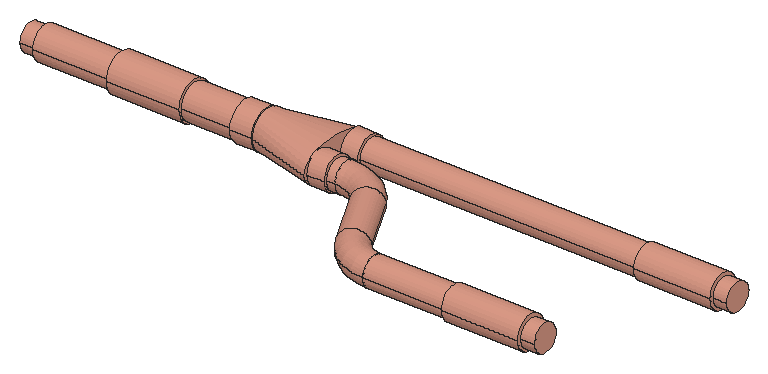
Revit family "outputfile", category 配管付属品, Revit 2024
Family settings
  丸型コネクタ寸法 = 半径を使用
  パーツ タイプ = 標準
  OmniClass 番号 = 23.65.55.00
  OmniClass タイトル = Distribution of Supplied Liquids/Gases
  作業面ベース = いいえ
  常に垂直 = はい
  ロード時にボイドで切り取り = いいえ
  共有 = いいえ
Parameters (values of type "BHRP26A22TA")
  製造元 = "Daikin"
  書き出し IFC クラス(タイプ) = "IfcPipeFittingType"
  既定の高さ = 0.0 mm
  定義済み IFC タイプ(タイプ) = "JUNCTION"
  モデル = "BHRP26A22TA"
  table_StraightPipe [instance] = if(mm⇔inch, "Refnet Joint_BHRP26A-TA_Gas_StraightPipe", "Refnet Joint_BHRP26A-TA_Gas_StraightPipe_inch")  # "Refnet Joint_BHRP26A-TA_Gas_StraightPipe"
  table_BranchPipe [instance] = if(mm⇔inch, "Refnet Joint_BHRP26A-TA_Gas_BranchPipe", "Refnet Joint_BHRP26A-TA_Gas_BranchPipe_inch")  # "Refnet Joint_BHRP26A-TA_Gas_BranchPipe"
  table_Inlet [instance] = if(mm⇔inch, "Refnet Joint_BHRP26A-TA_Gas_Inlet", "Refnet Joint_BHRP26A-TA_Gas_Inlet_inch")  # "Refnet Joint_BHRP26A-TA_Gas_Inlet"
  switch_StraightPipe_Reducer [instance] = if(Is_StraightPipe Reducer = 1, 1 = 1, 1 = 0)  # no
  switch_StraightPipe3 [instance] = if(number_StraightPipe = 3, 1 = 1, 1 = 0)  # no
  switch_StraightPipe2 [instance] = if(number_StraightPipe < 2, 1 = 0, 1 = 1)  # yes
  switch_BranchPipe_Reducer [instance] = if(Is_BranchPipe Reducer = 1, 1 = 1, 1 = 0)  # no
  switch_BranchPipe3 [instance] = if(number_BranchPipe = 3, 1 = 1, 1 = 0)  # no
  switch_BranchPipe2 [instance] = if(number_BranchPipe < 2, 1 = 0, 1 = 1)  # yes
  switch_Inlet pipe_Reducer [instance] = if(Is_Inlet Reducer = 1, 1 = 1, 1 = 0)  # no
  switch_Inlet pipe3 [instance] = if(number_InletPipe = 3, 1 = 1, 1 = 0)  # yes
  switch_Inlet pipe2 [instance] = if(number_InletPipe < 2, 1 = 0, 1 = 1)  # yes
  mm⇔inch [instance] = yes
  l_OutletPipeSize [instance] = size_lookup(table_Inlet, "L_OutletPipeSize", 10.0 mm, モデル)  # 10.0 mm
  Uniclass2015Version = "Products v1.31"
  Uniclass2015Title = "Copper pipe fittings"
  Uniclass2015Code = "Pr_65_52_63_18"
  StraightPipe_Gas_ActualDiameter [instance] = 12.7 mm
  Material_Piping = DAIKIN_Copper_Pipe
  Material_Insulation = DAIKIN_White_Insulation
  lw_Insulation [instance] = size_lookup(table_Inlet, "lw_Insulation", 59.9 mm, モデル)  # 59.9 mm
  Unit Type = "BHRP26A-TA_Gas"
  Tag No. [instance] = ""
  StraightPipe_Gas_Status [instance] = size_lookup(table_StraightPipe, "Information", "The connected pipe size is not available.", モデル, StraightPipe_Gas_ActualDiameter)  # "Default connector size is used."
  Link_Nested Family [instance] = ""
  Inlet_Gas_Actual Diameter [instance] = 12.7 mm
  IfcVersion = ""
  IfcExportType = "JUNCTION"
  IfcExportAs = "IfcPipeFittingType"
  BranchPipe_Gas_Status [instance] = size_lookup(table_BranchPipe, "Information", "The connected pipe size is not available.", モデル, BranchPipe_Gas_ActualDiameter)  # "Default connector size is used."
  Inlet_Gas_Status [instance] = size_lookup(table_Inlet, "Information", "The connected pipe size is not available.", モデル, Inlet_Gas_Actual Diameter)  # "Default connector size is used."
  Series = "Refnet Joint"
  O.R_dividePipe_Inlet [instance] = (I.D_InletPipe1 + 2.0 mm) / 2  # 10.55 mm
  r_StraightPipe_Connector [instance] = StraightPipe_Gas_ActualDiameter / 2  # 6.35 mm
  r_BranchPipe_Connector [instance] = BranchPipe_Gas_ActualDiameter / 2  # 6.35 mm
  r_Inlet_Connector [instance] = Inlet_Gas_Actual Diameter / 2  # 6.35 mm
  number_StraightPipe [instance] = size_lookup(table_StraightPipe, "pipeNumber", 2, モデル, StraightPipe_Gas_ActualDiameter)  # 2
  number_BranchPipe [instance] = size_lookup(table_BranchPipe, "pipeNumber", 2, モデル, BranchPipe_Gas_ActualDiameter)  # 2
  number_InletPipe [instance] = size_lookup(table_Inlet, "pipeNumber", 3, モデル, Inlet_Gas_Actual Diameter)  # 3
  r_BranchPipeR [instance] = size_lookup(table_BranchPipe, "r_offsetPipeR", 25.0 mm, モデル, BranchPipe_Gas_ActualDiameter)  # 25.0 mm
  l_BranchPipe_Straight2 [instance] = size_lookup(table_BranchPipe, "L_offsetPipe2", 44.0 mm, モデル)  # 44.0 mm
  l_BranchPipe_Straight1 [instance] = size_lookup(table_BranchPipe, "L_offsetPipe1", 5.0 mm, モデル)  # 5.0 mm
  l_BranchPipe connector [instance] = size_lookup(table_BranchPipe, "Length", 170.0 mm, モデル, BranchPipe_Gas_ActualDiameter)  # 170.0 mm
  l_inlet connector [instance] = size_lookup(table_Inlet, "Length", 130.0 mm, モデル, Inlet_Gas_Actual Diameter)  # 130.0 mm
  l_dividePipe [instance] = size_lookup(table_Inlet, "L_devidePipe", 38.0 mm, モデル)  # 38.0 mm
  l_StraightPipeReducer [instance] = size_lookup(table_StraightPipe, "L_Reducer", 80.0 mm, モデル, StraightPipe_Gas_ActualDiameter)  # 80.0 mm
  l_StraightPipe3 [instance] = size_lookup(table_StraightPipe, "L_Pipe3", 2.0 mm, モデル)  # 2.0 mm
  l_StraightPipe2 [instance] = size_lookup(table_StraightPipe, "L_Pipe2", 9.0 mm, モデル)  # 8.0 mm
  l_StraightPipe1 [instance] = size_lookup(table_StraightPipe, "L_Pipe1", 40.0 mm, モデル)  # 42.0 mm
  l_StraightPipe0 [instance] = size_lookup(table_StraightPipe, "L_Pipe0", 153.0 mm, モデル)  # 152.0 mm
  l_StraightPipe connector [instance] = size_lookup(table_StraightPipe, "Length", 212.0 mm, モデル, StraightPipe_Gas_ActualDiameter)  # 212.0 mm
  l_BranchPipe Reducer [instance] = size_lookup(table_BranchPipe, "L_Reducer", 80.0 mm, モデル, BranchPipe_Gas_ActualDiameter)  # 80.0 mm
  l_BranchPipe3 [instance] = size_lookup(table_BranchPipe, "L_Pipe3", 2.0 mm, モデル)  # 2.0 mm
  l_BranchPipe2 [instance] = size_lookup(table_BranchPipe, "L_Pipe2", 9.0 mm, モデル)  # 8.0 mm
  l_BranchPipe1 [instance] = size_lookup(table_BranchPipe, "L_Pipe1", 40.0 mm, モデル)  # 42.0 mm
  l_BranchPipe0 [instance] = size_lookup(table_BranchPipe, "L_Pipe0", 111.0 mm, モデル)  # 110.0 mm
  l_InletReducer [instance] = size_lookup(table_Inlet, "L_Reducer", 100.0 mm, モデル, Inlet_Gas_Actual Diameter)  # 100.0 mm
  l_InletPipe3 [instance] = size_lookup(table_Inlet, "L_Pipe3", 9.0 mm, モデル)  # 8.0 mm
  l_InletPipe2 [instance] = size_lookup(table_Inlet, "L_Pipe2", 42.0 mm, モデル)  # 42.0 mm
  l_InletPipe1 [instance] = size_lookup(table_Inlet, "L_Pipe1", 38.0 mm, モデル)  # 40.0 mm
  l_InletPipe0 [instance] = size_lookup(table_Inlet, "L_Pipe0", 29.0 mm, モデル)  # 28.0 mm
  center_StraightPipe [instance] = size_lookup(table_StraightPipe, "center_Pipe", 11.5 mm, モデル)  # 11.5 mm
  center_BranchPipe2 [instance] = size_lookup(table_BranchPipe, "center_OffsetPipe", 68.5 mm, モデル)  # 68.5 mm
  center_BranchPipe1 [instance] = size_lookup(table_BranchPipe, "center_Pipe", 11.5 mm, モデル)  # 11.5 mm
  StraightPipe_Gas_AvailableDiameter [instance] = size_lookup(table_StraightPipe, "sizeVariation", "", モデル)  # "12.7/15.9/19.1mm"
  BranchPipe_Gas_AvailableDiameter [instance] = size_lookup(table_BranchPipe, "sizeVariation", "", モデル)  # "12.7/15.9mm"
  Inlet_Gas_Available Diameter [instance] = size_lookup(table_Inlet, "sizeVariation", "", モデル)  # "12.7/15.9/19.1/22.2mm"
  O.D_StraightPipe Reducer [instance] = size_lookup(table_StraightPipe, "O.D_reducer", 2.0 mm, モデル, StraightPipe_Gas_ActualDiameter)  # 2.0 mm
  O.D_Offset Outlet Reducer [instance] = size_lookup(table_BranchPipe, "O.D_reducer", 2.0 mm, モデル, BranchPipe_Gas_ActualDiameter)  # 2.0 mm
  O.D_Inlet Reducer [instance] = size_lookup(table_Inlet, "O.D_reducer", 2.0 mm, モデル, Inlet_Gas_Actual Diameter)  # 2.0 mm
  Is_StraightPipe Reducer [instance] = size_lookup(table_StraightPipe, "IsReducer", 0, モデル, StraightPipe_Gas_ActualDiameter)  # 0
  Is_BranchPipe Reducer [instance] = size_lookup(table_BranchPipe, "IsReducer", 0, モデル, BranchPipe_Gas_ActualDiameter)  # 0
  Is_Inlet Reducer [instance] = size_lookup(table_Inlet, "IsReducer", 0, モデル, Inlet_Gas_Actual Diameter)  # 0
  BranchPipe_Gas_ActualDiameter [instance] = 12.7 mm
  Attach_Insulation [instance] = no
  I.D_StraightPipe3 [instance] = size_lookup(table_StraightPipe, "I.D_PipeSize3", 2.0 mm, モデル)  # 2.0 mm
  I.D_StraightPipe2 [instance] = size_lookup(table_StraightPipe, "I.D_PipeSize2", 12.7 mm, モデル)  # 12.7 mm
  I.D_StraightPipe1 [instance] = size_lookup(table_StraightPipe, "I.D_PipeSize1", 15.9 mm, モデル)  # 15.9 mm
  I.D_StraightPipe0 [instance] = size_lookup(table_StraightPipe, "I.D_PipeSize0", 13.9 mm, モデル)  # 13.9 mm
  I.D_BranchPipe3 [instance] = size_lookup(table_BranchPipe, "I.D_PipeSize3", 2.0 mm, モデル)  # 2.0 mm
  I.D_BranchPipe2 [instance] = size_lookup(table_BranchPipe, "I.D_PipeSize2", 12.7 mm, モデル)  # 12.7 mm
  I.D_BranchPipe1 [instance] = size_lookup(table_BranchPipe, "I.D_PipeSize1", 15.9 mm, モデル)  # 15.9 mm
  I.D_BranchPipe0 [instance] = size_lookup(table_BranchPipe, "I.D_PipeSize0", 13.9 mm, モデル)  # 13.9 mm
  I.D_Straight Reducer [instance] = size_lookup(table_StraightPipe, "I.D_reducer", 2.0 mm, モデル, StraightPipe_Gas_ActualDiameter)  # 2.0 mm
  I.D_OutletPipe [instance] = size_lookup(table_Inlet, "I.D_OutletPipeSize", 16.0 mm, モデル, Inlet_Gas_Actual Diameter)  # 16.0 mm
  I.D_Branch Reducer [instance] = size_lookup(table_BranchPipe, "I.D_reducer", 2.0 mm, モデル, BranchPipe_Gas_ActualDiameter)  # 2.0 mm
  I.D_Inlet Reducer [instance] = size_lookup(table_Inlet, "I.D_reducer", 2.0 mm, モデル, Inlet_Gas_Actual Diameter)  # 2.0 mm
  I.D_InletPipe3 [instance] = size_lookup(table_Inlet, "I.D_PipeSize3", 12.7 mm, モデル)  # 12.7 mm
  I.D_InletPipe2 [instance] = size_lookup(table_Inlet, "I.D_PipeSize2", 15.9 mm, モデル)  # 15.9 mm
  I.D_InletPipe1 [instance] = size_lookup(table_Inlet, "I.D_PipeSize1", 19.1 mm, モデル)  # 19.1 mm
  I.D_InletPipe0 [instance] = size_lookup(table_Inlet, "I.D_PipeSize0", 17.1 mm, モデル)  # 17.1 mm
Reference planes
  plane 1 "Center (Front/Back)": y = 0
  plane 2: z = 0
  plane 3 "base_left": x = 0
  plane 4: x = 8
  plane 5: x = 50
  plane 6: x = 90
  plane 7: x = 118
  plane 8: x = 130
  plane 9: x = 168
  plane 10: x = 178
  plane 11 "center_straight outlet": y = 11.5
  plane 12 "center2_offset outlet": y = -68.5
  plane 13 "center1_offset outlet": y = -11.5
  plane 14: x = 330
  plane 15: x = 372
  plane 16: x = 380
  plane 17: x = 288
  plane 18: x = 330
  plane 19: x = 338
  plane 20: x = 382
  plane 21: x = 340
  plane 22 "Reducer_straightoutlet": x = 338
  plane 23: x = 380
  plane 24: y = -22.05
  plane 25: z = 10.55
  plane 26 "Inlet_connector": x = 0
  plane 27 "Left_Insulation": x = 70.1
Forms (mm)
  SweptBlend 1, solid, material "DAIKIN_Copper_Pipe" <- "Material_Piping"
    path origin (0, 0, 0) x (1, 0, 0) y (0, 1, 0)
      loop
        line (130, 0) -> (168, 0)
    profile origin (130, 0, 0) x (0, 1, 0) y (0, 0, 1)
      loop
        circle (0, 0) r 10.55
    end profile origin (168, 0, 0) x (0, 1, 0) y (0, 0, 1)
      loop
        spline (-22.05, 0) -> (-21.299, -2.731) -> (-19.096, -5.275) -> (-15.592, -7.46) -> (-11.025, -9.137) -> (-5.707, -10.191) -> (0, -10.55) -> (5.707, -10.191) -> (11.025, -9.137) -> (15.592, -7.46) -> (19.096, -5.275) -> (21.299, -2.731) -> (22.05, 0)
        spline (22.05, 0) -> (21.299, 2.731) -> (19.096, 5.275) -> (15.592, 7.46) -> (11.025, 9.137) -> (5.707, 10.191) -> (0, 10.55) -> (-5.707, 10.191) -> (-11.025, 9.137) -> (-15.592, 7.46) -> (-19.096, 5.275) -> (-21.299, 2.731) -> (-22.05, 0)
Dimensions and locks
  "l_InletPipe3": plane 3 "base_left" to plane 4
  "l_InletPipe2": plane 4 to plane 5
  "l_InletPipe1": plane 5 to plane 6
  "l_InletPipe0": plane 6 to plane 7
  plane 7 to plane 8 = 12.0 mm
  "center_StraightPipe": plane 1 "Center (Front/Back)" to plane 11 "center_straight outlet"
  "center_BranchPipe2": plane 12 "center2_offset outlet" to plane 1 "Center (Front/Back)"
  "center_BranchPipe1": plane 13 "center1_offset outlet" to plane 1 "Center (Front/Back)"
  "l_dividePipe": plane 8 to plane 9
  "l_OutletPipeSize": plane 9 to plane 10
  "l_StraightPipe0": plane 10 to plane 14
  "l_BranchPipe0": plane 10 to plane 17
  "l_BranchPipe1": plane 17 to plane 18
  "l_BranchPipe2": plane 18 to plane 19
  "l_StraightPipe1": plane 14 to plane 15
  "l_StraightPipe2": plane 15 to plane 16
  "l_StraightPipe3": plane 16 to plane 20
  "l_BranchPipe3": plane 19 to plane 21
  "l_BranchPipe connector": plane 9 to plane 22 "Reducer_straightoutlet"
  "l_StraightPipe connector": plane 9 to plane 23
  "O.R_dividePipe_Inlet": plane 24 to plane 13 "center1_offset outlet"
  "O.R_dividePipe_Inlet": plane 25 to plane 2
  "l_inlet connector": plane 26 "Inlet_connector" to plane 8
  "lw_Insulation": plane 27 "Left_Insulation" to plane 8
  "O.R_dividePipe_Inlet": radius of SweptBlend 1 sketch curve
  aligned and locked: level to plane 2
  aligned and locked: plane 2 to nested 1
  aligned and locked: plane 3 "base_left" to nested 1
  aligned and locked: plane 1 "Center (Front/Back)" to nested 1
  aligned and locked: plane 4 to nested 2
  aligned and locked: plane 1 "Center (Front/Back)" to nested 2
  aligned and locked: plane 5 to nested 2
  aligned and locked: plane 5 to nested 3
  aligned and locked: plane 6 to nested 3
  aligned and locked: plane 6 to nested 4
  aligned and locked: nested 4 to plane 7
  aligned and locked: nested 5 to plane 7
  aligned and locked: nested 5 to plane 8
  aligned and locked: plane 8 to SweptBlend 1 sketch curve
  aligned and locked: plane 9 to SweptBlend 1 sketch curve
  aligned and locked: plane 2 to SweptBlend 1 sketch curve  (x2)
  aligned and locked: plane 1 "Center (Front/Back)" to SweptBlend 1 sketch curve  (x2)
  aligned and locked: nested 6 to plane 9
  aligned and locked: nested 7 to plane 9
  aligned and locked: nested 6 to plane 11 "center_straight outlet"
  aligned and locked: nested 7 to plane 13 "center1_offset outlet"
  aligned and locked: nested 7 to plane 10
  aligned and locked: nested 6 to plane 10
  aligned and locked: nested 8 to plane 10
  aligned and locked: plane 14 to nested 8
  aligned and locked: nested 8 to plane 11 "center_straight outlet"
  aligned and locked: plane 14 to nested 9
  aligned and locked: nested 9 to plane 11 "center_straight outlet"
  aligned and locked: plane 15 to nested 9
  aligned and locked: nested 10 to plane 11 "center_straight outlet"
  aligned and locked: plane 15 to nested 10
  aligned and locked: plane 16 to nested 10
  aligned and locked: nested 11 to plane 12 "center2_offset outlet"
  aligned and locked: plane 17 to nested 11
  aligned and locked: plane 18 to nested 11
  aligned and locked: nested 12 to plane 12 "center2_offset outlet"
  aligned and locked: plane 18 to nested 12
  aligned and locked: plane 19 to nested 12
  aligned and locked: nested 13 to plane 10
  aligned and locked: nested 13 to plane 13 "center1_offset outlet"
  aligned and locked: nested 13 to plane 12 "center2_offset outlet"
  aligned and locked: plane 8 to nested 14
  aligned and locked: plane 1 "Center (Front/Back)" to nested 14
  aligned and locked: plane 11 "center_straight outlet" to nested 15
  aligned and locked: nested 15 to plane 9
  aligned and locked: nested 16 to plane 9
  aligned and locked: plane 12 "center2_offset outlet" to nested 16
  aligned and locked: nested 17 to plane 1 "Center (Front/Back)"
  aligned and locked: plane 16 to nested 18
  aligned and locked: plane 20 to nested 18
  aligned and locked: plane 19 to nested 19
  aligned and locked: plane 21 to nested 19
  aligned and locked: nested 20 to plane 12 "center2_offset outlet"
  aligned and locked: plane 23 to nested 21
  aligned and locked: nested 21 to plane 11 "center_straight outlet"
  aligned and locked: plane 4 to nested 1
  aligned and locked: plane 24 to SweptBlend 1 sketch curve
  aligned and locked: plane 25 to SweptBlend 1 sketch curve
  aligned and locked: nested 19 to plane 12 "center2_offset outlet"
  aligned and locked: nested 18 to plane 11 "center_straight outlet"
  aligned and locked: nested 17 to plane 26 "Inlet_connector"
  aligned and locked: plane 22 "Reducer_straightoutlet" to nested 20
  aligned and locked: plane 27 "Left_Insulation" to nested 22
  aligned and locked: plane 1 "Center (Front/Back)" to nested 22
Automatic sketch dimensions
  plane 1 "Center (Front/Back)" to SweptBlend 1 sketch curve = 0.0 mm
Nested families
  nested 1: "daikin_Pipe" at (4, 0, 0), I.D_Pipe <- "I.D_InletPipe3", display <- "switch_Inlet pipe3", type "*"
    with length_Pipe 8.0 mm, display yes, O.D_Pipe 14.7 mm, I.D_Pipe 12.7 mm
  nested 2: "daikin_Pipe" at (29, 0, 0), I.D_Pipe <- "I.D_InletPipe2", display <- "switch_Inlet pipe2", type "*"
    with length_Pipe 42.0 mm, display yes, O.D_Pipe 17.9 mm, I.D_Pipe 15.9 mm
  nested 3: "daikin_Pipe" at (70, 0, 0), I.D_Pipe <- "I.D_InletPipe1", type "*"
    with length_Pipe 40.0 mm, display yes, O.D_Pipe 21.1 mm, I.D_Pipe 19.1 mm
  nested 4: "daikin_Pipe" at (104, 0, 0), I.D_Pipe <- "I.D_InletPipe0", type "*"
    with length_Pipe 28.0 mm, display yes, O.D_Pipe 19.1 mm, I.D_Pipe 17.1 mm
  nested 5: "daikin_Pipe" at (124, 0, 0), I.D_Pipe <- "I.D_InletPipe1", type "*"
    with length_Pipe 12.0 mm, display yes, O.D_Pipe 21.1 mm, I.D_Pipe 19.1 mm
  nested 6: "daikin_Pipe" at (173, 11.5, 0), I.D_Pipe <- "I.D_OutletPipe", type "*"
    with length_Pipe 10.0 mm, display yes, O.D_Pipe 18.0 mm, I.D_Pipe 16.0 mm
  nested 7: "daikin_Pipe" at (173, -11.5, 0), I.D_Pipe <- "I.D_OutletPipe", type "*"
    with length_Pipe 10.0 mm, display yes, O.D_Pipe 18.0 mm, I.D_Pipe 16.0 mm
  nested 8: "daikin_Pipe" at (254, 11.5, 0), I.D_Pipe <- "I.D_StraightPipe0", type "*"
    with length_Pipe 152.0 mm, display yes, O.D_Pipe 15.9 mm, I.D_Pipe 13.9 mm
  nested 9: "daikin_Pipe" at (351, 11.5, 0), I.D_Pipe <- "I.D_StraightPipe1", type "*"
    with length_Pipe 42.0 mm, display yes, O.D_Pipe 17.9 mm, I.D_Pipe 15.9 mm
  nested 10: "daikin_Pipe" at (376, 11.5, 0), I.D_Pipe <- "I.D_StraightPipe2", display <- "switch_StraightPipe2", type "*"
    with length_Pipe 8.0 mm, display yes, O.D_Pipe 14.7 mm, I.D_Pipe 12.7 mm
  nested 11: "daikin_Pipe" at (309, -68.5, 0), I.D_Pipe <- "I.D_BranchPipe1", type "*"
    with length_Pipe 42.0 mm, display yes, O.D_Pipe 17.9 mm, I.D_Pipe 15.9 mm
  nested 12: "daikin_Pipe" at (334, -68.5, 0), I.D_Pipe <- "I.D_BranchPipe2", display <- "switch_BranchPipe2", type "*"
    with length_Pipe 8.0 mm, display yes, O.D_Pipe 14.7 mm, I.D_Pipe 12.7 mm
  nested 13: "daikin_Pipe Ofsset" at (178, -11.5, 0), I.D_Pipe size <- "I.D_BranchPipe0", length_straight pipe1 <- "l_BranchPipe_Straight1", length_straight pipe2 <- "l_BranchPipe_Straight2", r_Pipe R <- "r_BranchPipeR", length_Pipe <- "l_BranchPipe0", type "*"
    with r_Pipe R 25.0 mm, length_straight pipe2 44.0 mm, length_straight pipe1 5.0 mm, length_offset center 57.0 mm, length_Pipe 110.0 mm, O.D_Pipe size 15.9 mm, I.D_Pipe size 13.9 mm
  nested 14: "daikin_connector_rotate2" at (130, 0, 0) x (0, -1, 0) z (0, 0, 1), length <- "l_inlet connector", type "daikin_connector_rotate2"
    with radius 5.0 mm, length 130.0 mm, angle_vertical 90.00°, locaton_mark no
  nested 15: "daikin_connector_rotate2" at (168, 11.5, 0) x (0, 1, 0) z (0, 0, 1), length <- "l_StraightPipe connector", type "daikin_connector_rotate2"
    with radius 5.0 mm, length 212.0 mm, angle_vertical 90.00°, locaton_mark no
  nested 16: "daikin_connector_rotate2" at (168, -68.5, 0) x (0, 1, 0) z (0, 0, 1), length <- "l_BranchPipe connector", type "daikin_connector_rotate2"
    with radius 5.0 mm, length 170.0 mm, angle_vertical 90.00°, locaton_mark no
  nested 17: "daikin_Pipe_reducer" at (50, 0, 0) x (-1, 0, 0) z (0, 0, 1), display <- "switch_Inlet pipe_Reducer", length_Pipe <- "l_InletReducer", I.D_Pipe1 <- "I.D_Inlet Reducer", O.D_Pipe2 <- "O.D_Inlet Reducer", type "*"
    with length_Pipe 100.0 mm, display no, O.D_Pipe2 2.0 mm, O.D_Pipe1 4.0 mm, I.D_Pipe2 0.0 mm, I.D_Pipe1 2.0 mm
  nested 18: "daikin_Pipe" at (381, 11.5, 0), I.D_Pipe <- "I.D_StraightPipe3", display <- "switch_StraightPipe3", type "*"
    with length_Pipe 2.0 mm, display no, O.D_Pipe 4.0 mm, I.D_Pipe 2.0 mm
  nested 19: "daikin_Pipe" at (339, -68.5, 0), I.D_Pipe <- "I.D_BranchPipe3", display <- "switch_BranchPipe3", type "*"
    with length_Pipe 2.0 mm, display no, O.D_Pipe 4.0 mm, I.D_Pipe 2.0 mm
  nested 20: "daikin_Pipe_reducer" at (298, -68.5, 0), I.D_Pipe1 <- "I.D_Branch Reducer", O.D_Pipe2 <- "O.D_Offset Outlet Reducer", length_Pipe <- "l_BranchPipe Reducer", display <- "switch_BranchPipe_Reducer", type "*"
    with length_Pipe 80.0 mm, display no, O.D_Pipe2 2.0 mm, O.D_Pipe1 4.0 mm, I.D_Pipe2 0.0 mm, I.D_Pipe1 2.0 mm
  nested 21: "daikin_Pipe_reducer" at (340, 11.5, 0), I.D_Pipe1 <- "I.D_Straight Reducer", O.D_Pipe2 <- "O.D_StraightPipe Reducer", length_Pipe <- "l_StraightPipeReducer", display <- "switch_StraightPipe_Reducer", type "*"
    with length_Pipe 80.0 mm, display no, O.D_Pipe2 2.0 mm, O.D_Pipe1 4.0 mm, I.D_Pipe2 0.0 mm, I.D_Pipe1 2.0 mm
  nested 22: "daikin_Insulation_RefnetJoint" at (70.1, 0, 0), I.D_Outlet PipeSize <- "I.D_OutletPipe", type "*"
    with h 48.0 mm, I.D_Outlet PipeSize 16.0 mm
Connectors
  piping at (0, 0, 0), diameter 12.7, driven by "r_Inlet_Connector"
    settings: on nested 14, index 1, connector inside diameter 609.6 mm, connector length 0.0 mm, flow factor 0, pipe flow 0.00 m³/h, pressure drop 0.0 Pa, fitting loss kfactor 0, connector angle 0.00°, fixture units 0, engagement length 0.0 mm, angle of deflection 0.00°, flow configuration 0, flow direction 2, fitting loss method 0, system type 29, joint type 0, gender type 0, connector reference index -1, connector utility 0, adjustable connector no, is connector primary yes, connector description "Refnet Joint_Inlet_Gas"
  piping at (338, -68.5, 0), diameter 12.7, driven by "r_BranchPipe_Connector"
    settings: on nested 16, index 2, connector inside diameter 609.6 mm, connector length 0.0 mm, flow factor 0, pipe flow 0.00 m³/h, pressure drop 0.0 Pa, fitting loss kfactor 0, connector angle 0.00°, fixture units 0, engagement length 0.0 mm, angle of deflection 0.00°, flow configuration 0, flow direction 1, fitting loss method 0, system type 29, joint type 0, gender type 0, connector reference index -1, connector utility 0, adjustable connector no, is connector primary no, connector description "Refnet Joint_Outlet Branch_Gas"
  piping at (380, 11.5, 0), diameter 12.7, driven by "r_StraightPipe_Connector"
    settings: on nested 15, index 3, connector inside diameter 609.6 mm, connector length 0.0 mm, flow factor 0, pipe flow 0.00 m³/h, pressure drop 0.0 Pa, fitting loss kfactor 0, connector angle 0.00°, fixture units 0, engagement length 0.0 mm, angle of deflection 0.00°, flow configuration 0, flow direction 1, fitting loss method 0, system type 29, joint type 0, gender type 0, connector reference index -1, connector utility 0, adjustable connector no, is connector primary no, connector description "Refnet Joint_Outlet Straight_Gas"
Definition of nested family "daikin_Pipe"
  Parameters (values of type "*")
    Default Elevation = 0.0 mm
    material = none
    length_Pipe [instance] = 150.0 mm
    display [instance] = yes
    O.D_Pipe [instance] = I.D_Pipe + 2.0 mm  # 27.0 mm
    I.D_Pipe [instance] = 25.0 mm
  Reference planes
    plane 1 "Center (Front/Back)": y = 0
    plane 2 "center(vertical)": z = 0
    plane 3 "Center (Left/Right)": x = 0
    plane 4 "left": x = -75
    plane 5 "right": x = 75
  Forms (mm)
    Extrusion 1, solid, material <- "material", visible <- "display"
      sketch origin (0, 0, 0) x (0, 1, 0) y (0, 0, 1)
        loop
          circle (0, 0) r 13.5
      from -75 to 75
  Dimensions and locks
    equal spacing: plane 4 "left", plane 3 "Center (Left/Right)", plane 5 "right"
    "length_Pipe": plane 4 "left" to plane 5 "right"
    "O.D_Pipe": diameter of Extrusion 1 sketch curve
    aligned and locked: level to plane 2 "center(vertical)"
    aligned and locked: plane 2 "center(vertical)" to Extrusion 1 sketch curve
    aligned and locked: plane 1 "Center (Front/Back)" to Extrusion 1 sketch curve
    aligned and locked: plane 5 "right" to Extrusion 1
    aligned and locked: Extrusion 1 to plane 4 "left"
Definition of nested family "daikin_Pipe Ofsset"
  Parameters (values of type "*")
    Default Elevation = 0.0 mm
    r_Pipe R [instance] = 40.0 mm
    material = none
    length_straight pipe2 [instance] = 43.0 mm
    length_straight pipe1 [instance] = 5.0 mm
    length_offset center [instance] = 57.0 mm
    length_Pipe [instance] = 110.0 mm
    O.D_Pipe size [instance] = I.D_Pipe size + 2.0 mm  # 12.0 mm
    I.D_Pipe size [instance] = 10.0 mm
  Reference planes
    plane 1 "Center (Front/Back)": y = 0
    plane 2: z = 0
    plane 3 "Center (Left/Right)": x = 0
    plane 4: y = -57
    plane 5: x = 110
    plane 6: x = 67
    plane 7: x = 5
  Forms (mm)
    Sweep 1, solid, material <- "material"
      path origin (0, 0, 0) x (1, 0, 0) y (0, 1, 0)
        loop
          line (0, 0) -> (5, 0)
          arc (5, 0) -> (20.74, -3.227) -> (33.94, -12.387) r 40
          line (33.94, -12.387) -> (38.06, -44.613)
          arc (38.06, -44.613) -> (51.26, -53.773) -> (67, -57) r 40
          line (67, -57) -> (110, -57)
      profile origin (2.5, 0, 0) x (0, 1, 0) y (0, 0, 1)
        loop
          circle (0, 0) r 6
  Dimensions and locks
    "length_offset center": plane 4 to plane 1 "Center (Front/Back)"
    "length_straight pipe1": plane 3 "Center (Left/Right)" to plane 7
    "length_Pipe": plane 3 "Center (Left/Right)" to plane 5
    "length_straight pipe2": plane 6 to plane 5
    "O.D_Pipe size": diameter of Sweep 1 sketch curve
    "r_Pipe R": radius of Sweep 1 sketch curve  (x2)
    aligned and locked: level to plane 2
    aligned and locked: plane 1 "Center (Front/Back)" to Sweep 1 sketch curve
    aligned and locked: profile plane to Sweep 1 sketch curve
    aligned and locked: plane 5 to Sweep 1 sketch curve
    aligned and locked: plane 7 to Sweep 1 sketch curve
    aligned and locked: plane 6 to Sweep 1 sketch curve
  Automatic sketch dimensions
    plane 1 "Center (Front/Back)" to Sweep 1 sketch curve = 0.0 mm
    Sweep 1 sketch curve to plane 3 "Center (Left/Right)" = 0.0 mm
    plane 4 to Sweep 1 sketch curve = 0.0 mm
    plane 1 "Center (Front/Back)" to Sweep 1 sketch curve = 12.387 mm
    Sweep 1 sketch curve to plane 4 = 12.387 mm
Definition of nested family "daikin_connector_rotate2"
  Parameters (values of type "daikin_connector_rotate2")
    show_face = no
    radius [instance] = 10.0 mm
    locaton_mark = yes
    length [instance] = 600.0 mm
    d_surface = 10.0 mm
    angle_vertical [instance] = 90.00°
    Default Elevation = 0.0 mm
  Reference planes
    plane 1 "Center (Front/Back)": y = 0
    plane 2: z = 0
    plane 3 "Center (Left/Right)": x = 0
  Forms (mm)
    Extrusion 1, solid, visible <- "show_face"
      sketch origin (0, -600, 0) x (1, 0, 0) y (0, 0, 1)
        loop
          circle (0, 0) r 10
      from 0 to -10
  Lines and regions (mm)
    reference lines
      curve 1: line (0, 0, 0) -> (0, -600, 0)
    symbolic lines, visible <- "locaton_mark"
      curve 2: circle (0, 0, 0) r 5 normal (0, 0, 1)
    model lines, visible <- "show_face"
      curve 3: line (0, 0, 0) -> (0, -600, 0)
  Dimensions and locks
    "length": curve 1 to curve 1
    "length": curve 3 to curve 3
    "d_surface": Extrusion 1 to Extrusion 1
    "radius": radius of Extrusion 1 sketch curve
    "angle_vertical": angle curve 1 to plane 1 "Center (Front/Back)"
    "angle_vertical": angle curve 3 to plane 1 "Center (Front/Back)"
    aligned and locked: level to plane 2
    aligned and locked: plane 1 "Center (Front/Back)" to curve 1
    aligned and locked: plane 2 to curve 1
    aligned and locked: plane 1 "Center (Front/Back)" to curve 2
    aligned and locked: plane 3 "Center (Left/Right)" to curve 2
    aligned and locked: plane 1 "Center (Front/Back)" to curve 3
    aligned and locked: plane 2 to curve 3
    aligned and locked: Extrusion 1 to Extrusion 1
  Automatic sketch dimensions
    Extrusion 1 sketch curve to level = 0.0 mm
    Extrusion 1 sketch curve to plane 3 "Center (Left/Right)" = 0.0 mm
    radius of curve 2 = 5.0 mm
Definition of nested family "daikin_Pipe_reducer"
  Parameters (values of type "*")
    Default Elevation = 0.0 mm
    material = none
    length_Pipe [instance] = 250.0 mm
    display [instance] = yes
    O.D_Pipe2 [instance] = 19.1 mm
    O.D_Pipe1 [instance] = I.D_Pipe1 + 2.0 mm  # 24.2 mm
    I.D_Pipe2 [instance] = O.D_Pipe2 - 2.0 mm  # 17.1 mm
    I.D_Pipe1 [instance] = 22.2 mm
  Reference planes
    plane 1 "Center (Front/Back)": y = 0
    plane 2 "center(vertical)": z = 0
    plane 3 "Center (Left/Right)": x = 0
    plane 4 "connection": x = -125
    plane 5 "right": x = 113
    plane 6: x = 125
  Forms (mm)
    Extrusion 1, solid, material <- "material", visible <- "display"
      sketch origin (0, 0, 0) x (0, 1, 0) y (0, 0, 1)
        loop
          circle (0, 0) r 9.55
      from -125 to 113
    Extrusion 2, solid, material <- "material", visible <- "display"
      sketch origin (0, 0, 0) x (0, 1, 0) y (0, 0, 1)
        loop
          circle (0, 0) r 12.1
      from 113 to 125
  Dimensions and locks
    locked: plane 5 "right" to plane 6 at 12
    "length_Pipe": plane 4 "connection" to plane 6
    equal spacing: plane 4 "connection", plane 3 "Center (Left/Right)", plane 6
    "O.D_Pipe2": diameter of Extrusion 1 sketch curve
    "O.D_Pipe1": diameter of Extrusion 2 sketch curve
    aligned and locked: level to plane 2 "center(vertical)"
    aligned and locked: plane 2 "center(vertical)" to Extrusion 1 sketch curve
    aligned and locked: plane 1 "Center (Front/Back)" to Extrusion 1 sketch curve
    aligned and locked: plane 5 "right" to Extrusion 1
    aligned and locked: Extrusion 1 to plane 4 "connection"
    aligned and locked: plane 2 "center(vertical)" to Extrusion 2 sketch curve
    aligned and locked: plane 1 "Center (Front/Back)" to Extrusion 2 sketch curve
    aligned and locked: Extrusion 2 to plane 5 "right"
    aligned and locked: plane 6 to Extrusion 2
Definition of nested family "daikin_Insulation_RefnetJoint"
  Parameters (values of type "*")
    r_Insulation = size_lookup(table_Insulation, "r_Insulation", 13.5 mm, Model)  # 13.5 mm
    h_Insulation = size_lookup(table_Insulation, "h_Insulation", 202.5 mm, Model)  # 202.5 mm
    d_Insulation3_3 = size_lookup(table_Insulation, "d_Insulation3_3", 68.0 mm, Model)  # 68.0 mm
    d_Insulation2_2 = size_lookup(table_Insulation, "d_Insulation2_2", 38.0 mm, Model)  # 38.0 mm
    d_Insulation1_1 = size_lookup(table_Insulation, "d_Insulation1_1", 26.5 mm, Model)  # 26.5 mm
    Default Elevation = 0.0 mm
    Model = "KHRP26A22TA"
    w_Insulation5 = size_lookup(table_Insulation, "w_Insulation5", 212.0 mm, Model)  # 212.0 mm
    w_Insulation4 = size_lookup(table_Insulation, "w_Insulation4", 67.0 mm, Model)  # 67.0 mm
    w_Insulation3 = size_lookup(table_Insulation, "w_Insulation3", 34.7 mm, Model)  # 34.7 mm
    w_Insulation2 = size_lookup(table_Insulation, "w_Insulation2", 80.0 mm, Model)  # 80.0 mm
    w_Insulation1 = size_lookup(table_Insulation, "w_Insulation1", 22.0 mm, Model)  # 22.0 mm
    table_Insulation = "Refnet Joint_BHRP26A-TA_Gas_Insulation"  # constant formula
    material = none
    h [instance] = (I.D_Outlet PipeSize + 2.0 mm) + 30.0 mm  # 47.0 mm
    display = no
    d_Insulation3 = size_lookup(table_Insulation, "d_Insulation3", 63.5 mm, Model)  # 63.5 mm
    d_Insulation2 = size_lookup(table_Insulation, "d_Insulation2", 41.0 mm, Model)  # 41.0 mm
    d_Insulation1 = size_lookup(table_Insulation, "d_Insulation1", 29.5 mm, Model)  # 29.5 mm
    I.D_Outlet PipeSize [instance] = 15.0 mm
  Reference planes
    plane 1 "Center (Front/Back)": y = 0
    plane 2: z = 0
    plane 3 "Left": x = 0
    plane 4 "top": z = 23.5
    plane 5 "bottom": z = -23.5
    plane 6: x = 22
    plane 7: x = 80
    plane 8: y = 26.5
    plane 9: y = -29.5
    plane 10: y = 38
    plane 11: y = -41
    plane 12: y = -93.5
    plane 13: x = 212
    plane 14: y = -30
    plane 15: x = 114.7
    plane 16: x = 145
    plane 17: x = 202.5
  Forms (mm)
    Extrusion 1, solid, material <- "material", visible <- "display"
      sketch origin (0, 0, 0) x (1, 0, 0) y (0, 1, 0)
        loop
          line (22, 26.5) -> (0, 26.5) -> (0, -29.5) -> (22, -29.5) -> (80, -41) -> (114.7, -41) -> (145, -93.5) -> (212, -93.5) -> (212, -43.5) -> (202.5, -43.5)
          arc (202.5, -43.5) -> (189, -30) -> (202.5, -16.5) r 13.5
          line (202.5, -16.5) -> (212, -16.5) -> (212, 38) -> (80, 38) -> (22, 26.5)
      from -23.5 to 23.5
  Dimensions and locks
    equal spacing: plane 4 "top", plane 2, plane 5 "bottom"
    "h": plane 4 "top" to plane 5 "bottom"
    "w_Insulation1": plane 3 "Left" to plane 6
    "w_Insulation2": plane 3 "Left" to plane 7
    "w_Insulation5": plane 3 "Left" to plane 13
    "w_Insulation3": plane 7 to plane 15
    "w_Insulation4": plane 16 to plane 13
    "d_Insulation1": plane 1 "Center (Front/Back)" to plane 9
    "d_Insulation1_1": plane 8 to plane 1 "Center (Front/Back)"
    "d_Insulation2": plane 1 "Center (Front/Back)" to plane 11
    "d_Insulation2_2": plane 10 to plane 1 "Center (Front/Back)"
    "d_Insulation3_3": plane 10 to plane 14
    "d_Insulation3": plane 14 to plane 12
    "r_Insulation": Extrusion 1 sketch curve to plane 14
    "r_Insulation": plane 14 to Extrusion 1 sketch curve
    "h_Insulation": plane 3 "Left" to plane 17
    "r_Insulation": radius of Extrusion 1 sketch curve
    aligned and locked: level to plane 2
    aligned and locked: Extrusion 1 to plane 5 "bottom"
    aligned and locked: plane 4 "top" to Extrusion 1
    aligned and locked: plane 6 to Extrusion 1  (x2)
    aligned and locked: plane 7 to Extrusion 1  (x2)
    aligned and locked: plane 6 to Extrusion 1 sketch curve
    aligned and locked: plane 11 to Extrusion 1 sketch curve
    aligned and locked: plane 7 to Extrusion 1 sketch curve  (x2)
    aligned and locked: plane 10 to Extrusion 1 sketch curve
    aligned and locked: Extrusion 1 sketch curve to plane 12
    aligned and locked: Extrusion 1 sketch curve to plane 13  (x2)
    aligned and locked: plane 16 to Extrusion 1 sketch curve
    aligned and locked: plane 15 to Extrusion 1 sketch curve
    aligned and locked: plane 17 to Extrusion 1 sketch curve
  Automatic sketch dimensions
    Extrusion 1 sketch curve to plane 3 "Left" = 0.0 mm
    Extrusion 1 sketch curve to plane 6 = 0.0 mm
    Extrusion 1 sketch curve to plane 9 = 0.0 mm
    Extrusion 1 sketch curve to plane 8 = 0.0 mm
